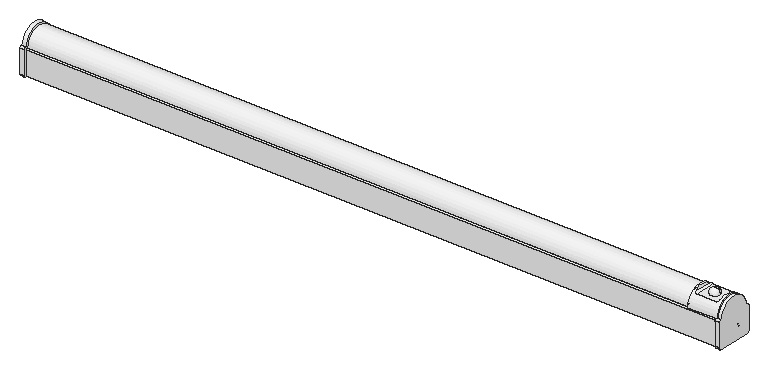
Revit family "0045220 Feilo Sylvania Lighting Fixture SYLBATTEN LED3 6000K TP3 PIR", category Lighting Fixtures, host Face, Revit 2017
Family settings
  Host = Face
  Round Connector Dimension = Use Diameter
  Part Type = Normal
  OmniClass Number = 23.80.70.00
  OmniClass Title = Lighting
  Cut with Voids When Loaded = No
  Light Source = Yes
  Shared = No
  Room Calculation Point = No
Parameters (values of type "0045220 SYLBATTEN LED3 6000K TP3 PIR")
  Width_FEILO = 66 mm
  Weight = "2.7 kg"
  Wattage Comments = "n/a"
  Wattage = 26 W
  WarrantyStartDate [instance] = "n/a"
  WarrantyGuarantorParts = "n/a"
  WarrantyDurationUnit = "n/a"
  WarrantyDurationParts = "n/a"
  WarrantyDescription = "n/a"
  built-in parameter 1150110 = 1 (stored number, unit not read)
  Voltage = 230 V
  URL = "http://www.sylvania-lighting.com"
  TypeName = "SYLBATTEN LED3 6000K TP3 PIR"
  Type Image = <None>
  Type Comments = "n/a"
  built-in parameter 1114217 = 1 (stored number, unit not read)
  Tilt Angle = -90.00°
  built-in parameter 1150109 = 1 (stored number, unit not read)
  built-in parameter 1150134 = 5
  SymReflector_FEILO = no
  built-in parameter 1150113 = 1 (stored number, unit not read)
  SerialNumber [instance] = "n/a"
  RadiusPIR_FEILO = 9 mm
  RadiusDiffuser_FEILO = 27 mm
  PowerFactor = 0
  PowerConsumption = "26 W"
  Photometric Web File = "0045220.ies"
  NominalLength = 1305 mm
  NominalHeight = 76 mm
  NominalDepth = 66 mm
  Name = "SYLBATTEN LED3 6000K TP3 PIR"
  ModelReference = Name  # "SYLBATTEN LED3 6000K TP3 PIR"
  ModelNumber = "0045220"
  Model = Name  # "SYLBATTEN LED3 6000K TP3 PIR"
  Material_4_FEILO = Reflector-Sylvania-Sylbatten-White
  Material_3_FEILO = Diffuser-Sylvania-Sylbatten-Glow
  Material_2_FEILO = Body-Sylvania-Sylbatten-White
  Material_1_FEILO = Body-Sylvania-Sylbatten-White
  Material = "sheet steel housing, polycarbonate diffuser"
  ManufacturerName = "Feilo Sylvania"
  Manufacturer = "Feilo Sylvania"
  LuminousEfficacy = "113.0 lm/W"
  built-in parameter 1150105 = 827.12 (stored number, unit not read)
  Lumens = 2938.78 lm
  LuminaireType = ""
  built-in parameter 1150115 = 1 (stored number, unit not read)
  LightOutputRatio = "100"
  built-in parameter 1150137 = (empty or 0)
  built-in parameter 1150139 = (empty or 0)
  Length_FEILO = 1305 mm
  LampsType = Lamp  # "LED"
  LampNominalLuminous = "2939 lm"
  LampMacAdamStep = "n/a"
  LampColourTemperature = "6000 K"
  LampColourRenderingIndex = "80"
  built-in parameter 1150112 = 1 (stored number, unit not read)
  built-in parameter 1150114 = 1 (stored number, unit not read)
  Lamp = "LED"
  Keynote = "16500"
  InstallationDate [instance] = "n/a"
  InputVoltage = "220-240V~"
  InputNominalFrequency = "n/a"
  built-in parameter 1150132 = (empty or 0)
  built-in parameter 1150102 = (empty or 0)
  built-in parameter 1150107 = 6000 (stored number, unit not read)
  built-in parameter 1150138 = (empty or 0)
  IngressProtection = "IP20"
  ImpactProtectionIndex = "IK07"
  built-in parameter 1150106 = 8.2712 (stored number, unit not read)
  IfcExportType = "IfcLightFixtureType"
  IfcExportAs = "IfcLightFixtureType"
  Height_FEILO = 76 mm
  ExpectedLife = 50000
  Emit from Rectangle Width = Length_FEILO - 16 mm - 55 mm  # 1234 mm
  Emit from Rectangle Length = Width_FEILO - 40 mm  # 26 mm
  Emit Shape Visible in Rendering = no
  ElectricShockClassification = "Class I"
  built-in parameter 1150104 = 10.501 (stored number, unit not read)
  DurationUnit = "hours"
  DocumentationLiterature = "http://www.sylvania-lighting.com/product/en-int/products/0045220"
  DimmingControlOptions = "n/a"
  Dimming Lamp Color Temperature Shift = <None>
  Description = "LED batten, T8 replacement, ease of installation through 2 part push-in design of the housing (safety cable included), through wiring capability (TP3 = 3 core), sheet steel, 2938LM, 26W, 113lm/W, 6000K, drive current: 350mA, CRI 80, 138° wide beam angle, electronic driver (non dimmable), with integrated PIR sensor, IP20, IK07, 50,000 hrs (L70), (LxWxH) 1205x66x76mm, 5 step MacAdam ellipse, 3kg, white RAL 9016, Class 1, 220-240V, energy class: A++, A+, A."
  Default Elevation = 1219.2 mm
  CreatedOn = "2/1/2018"
  CreatedBy = ""
  Cost = 0
  Color Filter = 16777215
  built-in parameter 1114216 [instance] = (empty or 0)
  ClassificationValue = "EF_70_80"
  ClassificationName = "Uniclass2015"
  CapOffset_FEILO = 2 mm
  BarCode [instance] = "n/a"
  built-in parameter 1114218 = 1 (stored number, unit not read)
  BackReflector_FEILO = and(not(AsymReflector_FEILO), SymReflector_FEILO)  # no
  built-in parameter 1150133 = 10 (stored number, unit not read)
  FrontReflector_FEILO = or(AsymReflector_FEILO, SymReflector_FEILO)  # no
  AsymReflector_FEILO = no
  AssetType = "Fixed"
  AssetIdentifier [instance] = "n/a"
  Assembly Code = "D5020200"
  Apparent Load = 26 VA
Reference planes
  plane 1 "Center (Front/Back)": y = 0
  plane 2: z = 0
  plane 3 "Center (Left/Right)": x = 0
  plane 4: x = 652.5
  plane 5: x = -652.5
  plane 6: y = 33
  plane 7: y = -33
  plane 8: z = 76
  plane 9: z = 47
  plane 10: y = -29
  plane 11: y = 29
  plane 12: z = 20
  plane 13: z = 74
  plane 14: y = -31
  plane 15: y = -27
  plane 16: y = 27
  plane 17: y = 31
  plane 18: z = 2
  plane 19: x = -644.5
  plane 20: x = 644.5
  plane 21: z = 49
  plane 22: y = 1
  plane 23: y = -1
  plane 24: z = 21
  plane 25: z = 19
  plane 26: y = -61
  plane 27: y = 61
  plane 28: y = -56
  plane 29: y = 56
  plane 30: z = 91
  plane 31: z = 88
  plane 32: x = 589.5
  plane 33: x = 595.5
  plane 34: x = 638.5
  plane 35: z = 69
  plane 36: x = 617
  plane 37: x = -27.5
Forms (mm)
  Extrusion 1, solid, material "Body-Sylvania-Sylbatten-White" <- "Material_2_FEILO"
    sketch origin (0, 0, 0) x (0, 1, 0) y (0, 0, 1)
      loop
        line (-31, 2) -> (31, 2) -> (31, 45)
        arc (31, 45) -> (30.414, 46.414) -> (29, 47) r 2
        line (29, 47) -> (-29, 47)
        arc (-29, 47) -> (-30.414, 46.414) -> (-31, 45) r 2
        line (-31, 45) -> (-31, 2)
    from -644.5 to 644.5
  Extrusion 2, solid, material "Body-Sylvania-Sylbatten-White" <- "Material_2_FEILO"
    sketch origin (652.5, 1524, 1219.2) x (0, 1, 0) y (0, 0, 1)
      loop
        arc (-1494, -1219.2) -> (-1491.879, -1218.321) -> (-1491, -1216.2) r 3
        line (-1491, -1216.2) -> (-1491, -1173.2)
        arc (-1491, -1173.2) -> (-1491.879, -1171.079) -> (-1494, -1170.2) r 3
        line (-1494, -1170.2) -> (-1495.069, -1170.2)
        arc (-1495.069, -1170.2) -> (-1524, -1143.2) -> (-1552.931, -1170.2) r 29
        line (-1552.931, -1170.2) -> (-1554, -1170.2)
        arc (-1554, -1170.2) -> (-1556.121, -1171.079) -> (-1557, -1173.2) r 3
        line (-1557, -1173.2) -> (-1557, -1216.2)
        arc (-1557, -1216.2) -> (-1556.121, -1218.321) -> (-1554, -1219.2) r 3
        line (-1554, -1219.2) -> (-1494, -1219.2)
      loop
        arc (-1525, -1189.25) -> (-1531.071, -1192.129) -> (-1533.95, -1198.2) r 10
        line (-1533.95, -1198.2) -> (-1532.944, -1198.2)
        arc (-1532.944, -1198.2) -> (-1530.364, -1192.836) -> (-1525, -1190.256) r 9
        line (-1525, -1190.256) -> (-1525, -1189.25)
      loop
        arc (-1523, -1190.256) -> (-1517.636, -1192.836) -> (-1515.056, -1198.2) r 9
        line (-1515.056, -1198.2) -> (-1514.05, -1198.2)
        arc (-1514.05, -1198.2) -> (-1516.929, -1192.129) -> (-1523, -1189.25) r 10
        line (-1523, -1189.25) -> (-1523, -1190.256)
      loop
        line (-1532.944, -1200.2) -> (-1533.95, -1200.2)
        arc (-1533.95, -1200.2) -> (-1531.071, -1206.271) -> (-1525, -1209.15) r 10
        line (-1525, -1209.15) -> (-1525, -1208.144)
        arc (-1525, -1208.144) -> (-1530.364, -1205.564) -> (-1532.944, -1200.2) r 9
      loop
        arc (-1515.056, -1200.2) -> (-1517.636, -1205.564) -> (-1523, -1208.144) r 9
        line (-1523, -1208.144) -> (-1523, -1209.15)
        arc (-1523, -1209.15) -> (-1516.929, -1206.271) -> (-1514.05, -1200.2) r 10
        line (-1514.05, -1200.2) -> (-1515.056, -1200.2)
    from 0 to -8
  Extrusion 3, solid, material "Body-Sylvania-Sylbatten-White" <- "Material_2_FEILO"
    sketch origin (-652.5, 1524, 1219.2) x (0, 1, 0) y (0, 0, 1)
      loop
        arc (-1495.069, -1170.2) -> (-1524, -1143.2) -> (-1552.931, -1170.2) r 29
        line (-1552.931, -1170.2) -> (-1554, -1170.2)
        arc (-1554, -1170.2) -> (-1556.121, -1171.079) -> (-1557, -1173.2) r 3
        line (-1557, -1173.2) -> (-1557, -1216.2)
        arc (-1557, -1216.2) -> (-1556.121, -1218.321) -> (-1554, -1219.2) r 3
        line (-1554, -1219.2) -> (-1494, -1219.2)
        arc (-1494, -1219.2) -> (-1491.879, -1218.321) -> (-1491, -1216.2) r 3
        line (-1491, -1216.2) -> (-1491, -1173.2)
        arc (-1491, -1173.2) -> (-1491.879, -1171.079) -> (-1494, -1170.2) r 3
        line (-1494, -1170.2) -> (-1495.069, -1170.2)
      loop
        line (-1533.95, -1198.2) -> (-1532.944, -1198.2)
        arc (-1532.944, -1198.2) -> (-1530.364, -1192.836) -> (-1525, -1190.256) r 9
        line (-1525, -1190.256) -> (-1525, -1189.25)
        arc (-1525, -1189.25) -> (-1531.071, -1192.129) -> (-1533.95, -1198.2) r 10
      loop
        line (-1523, -1189.25) -> (-1523, -1190.256)
        arc (-1523, -1190.256) -> (-1517.636, -1192.836) -> (-1515.056, -1198.2) r 9
        line (-1515.056, -1198.2) -> (-1514.05, -1198.2)
        arc (-1514.05, -1198.2) -> (-1516.929, -1192.129) -> (-1523, -1189.25) r 10
      loop
        line (-1514.05, -1200.2) -> (-1515.056, -1200.2)
        arc (-1515.056, -1200.2) -> (-1517.636, -1205.564) -> (-1523, -1208.144) r 9
        line (-1523, -1208.144) -> (-1523, -1209.15)
        arc (-1523, -1209.15) -> (-1516.929, -1206.271) -> (-1514.05, -1200.2) r 10
      loop
        line (-1525, -1209.15) -> (-1525, -1208.144)
        arc (-1525, -1208.144) -> (-1530.364, -1205.564) -> (-1532.944, -1200.2) r 9
        line (-1532.944, -1200.2) -> (-1533.95, -1200.2)
        arc (-1533.95, -1200.2) -> (-1531.071, -1206.271) -> (-1525, -1209.15) r 10
    from 0 to 8
  Extrusion 4, solid, material "Reflector-Sylvania-Sylbatten-White" <- "Material_4_FEILO", visible <- "FrontReflector_FEILO"
    sketch origin (0, 0, 0) x (0, 1, 0) y (0, 0, 1)
      loop
        line (-61.257, 88.429) -> (-60.743, 87.571) -> (-56.621, 90.044)
        arc (-56.621, 90.044) -> (-56.237, 90.099) -> (-55.929, 89.863) r 0.5
        line (-55.929, 89.863) -> (-31.435, 46.753) -> (-30.565, 47.247) -> (-55.312, 90.802)
        arc (-55.312, 90.802) -> (-55.928, 91.275) -> (-56.696, 91.165) r 1
        line (-56.696, 91.165) -> (-61.257, 88.429)
    from -644.5 to 644.5
  Extrusion 5, solid, material "Reflector-Sylvania-Sylbatten-White" <- "Material_4_FEILO", visible <- "BackReflector_FEILO"
    sketch origin (0, 0, 0) x (0, 1, 0) y (0, 0, 1)
      loop
        line (30.565, 47.247) -> (31.435, 46.753) -> (55.932, 89.868)
        arc (55.932, 89.868) -> (56.245, 90.112) -> (56.638, 90.062) r 0.518
        line (56.638, 90.062) -> (61.033, 87.565) -> (61.527, 88.435) -> (56.682, 91.188)
        arc (56.682, 91.188) -> (55.922, 91.282) -> (55.318, 90.812) r 1
        line (55.318, 90.812) -> (30.565, 47.247)
    from -644.5 to 644.5
  Extrusion 6, solid, material "Diffuser-Sylvania-Sylbatten-Glow" <- "Material_3_FEILO"
    sketch origin (0, 0, 0) x (0, 1, 0) y (0, 0, 1)
      loop
        arc (27, 47) -> (0, 74) -> (-27, 47) r 27
        line (-27, 47) -> (27, 47)
    from -644.5 to 589.5
  Extrusion 7, solid, material "Body-Sylvania-Sylbatten-White" <- "Material_2_FEILO"
    sketch origin (589.5, 1524, 1219.2) x (0, 1, 0) y (0, 0, 1)
      loop
        arc (-1495, -1172.2) -> (-1524, -1143.2) -> (-1553, -1172.2) r 29
        line (-1553, -1172.2) -> (-1495, -1172.2)
    from 0 to 55
  Extrusion 8, void
    sketch origin (0, 0, 0) x (1, 0, 0) y (0, 0, 1)
      loop
        line (598.432, 69) -> (635.568, 69)
        arc (635.568, 69) -> (637.933, 69.774) -> (639.383, 71.795) r 4
        line (639.383, 71.795) -> (644.5, 88) -> (589.5, 88) -> (594.617, 71.795)
        arc (594.617, 71.795) -> (596.067, 69.774) -> (598.432, 69) r 4
    from -27 to 27
  Revolve 9, solid, material "Body-Sylvania-Sylbatten-White" <- "Material_2_FEILO"
    sketch origin (0, 0, 0) x (1, 0, 0) y (0, 0, 1)
      loop
        arc (626, 69) -> (623.364, 75.364) -> (617, 78) r 9
        line (617, 78) -> (617, 69) -> (626, 69)
      axis (617, 78) -> (617, 69)
    angle from 360 to 0
Cuts and joins
  Extrusion 8 cuts Extrusion 7
Lines and regions (mm)
  reference lines
    curve 1: line (0, -61, 88) -> (0, -56, 91)
    curve 2: line (0, -56, 91) -> (0, -31, 47)
    curve 3: line (0, 31, 47) -> (0, 56, 91)
    curve 4: line (0, 56, 91) -> (0, 61.28, 88)
Dimensions and locks
  equal spacing: plane 5, plane 3 "Center (Left/Right)", plane 4
  equal spacing: plane 7, plane 1 "Center (Front/Back)", plane 6
  "Width_FEILO": plane 7 to plane 6
  "Length_FEILO": plane 5 to plane 4
  "Height_FEILO": plane 8 to plane 2
  locked: plane 9 to plane 8 at 29
  equal spacing: plane 10, plane 1 "Center (Front/Back)", plane 11
  locked: plane 7 to plane 10 at 4
  locked: plane 12 to plane 2 at 20
  "CapOffset_FEILO": plane 13 to plane 8
  "CapOffset_FEILO": plane 7 to plane 14
  "CapOffset_FEILO": plane 10 to plane 15
  "CapOffset_FEILO": plane 17 to plane 6
  "CapOffset_FEILO": plane 16 to plane 11
  "CapOffset_FEILO": plane 18 to plane 2
  locked: plane 14 to Extrusion 1 sketch curve at 2
  locked: Extrusion 1 sketch curve to plane 9 at 2  (x2)
  locked: plane 16 to Extrusion 1 sketch curve at 2
  equal spacing: plane 19, plane 3 "Center (Left/Right)", plane 20
  locked: plane 5 to plane 19 at 8
  "CapOffset_FEILO": plane 9 to plane 21
  locked: Extrusion 2 sketch curve to plane 2 at 47
  locked: Extrusion 2 sketch curve to plane 2 at 3  (x2)
  locked: plane 7 to Extrusion 2 sketch curve at 3  (x2)
  locked: Extrusion 2 sketch curve to plane 6 at 3  (x2)
  locked: Extrusion 2 sketch curve to plane 21 at 3  (x2)
  equal spacing: plane 23, plane 1 "Center (Front/Back)", plane 22
  equal spacing: plane 25, plane 12, plane 24
  plane 30 to plane 31 to plane 2 = 3 mm locked, 88 mm locked
  plane 28 to plane 29 = 112 mm
  plane 26 to plane 27 = 122 mm
  locked: plane 32 to plane 20 at 55
  plane 20 to plane 34 = 6 mm
  plane 33 to plane 32 = 6 mm
  plane 21 to plane 35 = 20 mm
  locked: Extrusion 8 sketch curve to plane 35 at 4  (x2)
  locked: Extrusion 8 sketch curve to plane 33 at 2.932
  locked: plane 34 to Extrusion 8 sketch curve at 2.932
  equal spacing: plane 34, plane 36, plane 33
  locked: plane 37 to plane 3 "Center (Left/Right)" at 27.5
  "RadiusDiffuser_FEILO": radius of Extrusion 6 sketch curve
  "RadiusPIR_FEILO": radius of Revolve 9 sketch curve
  aligned and locked: plane 2 to host face
  aligned and locked: level to host face
  aligned and locked: plane 18 to Extrusion 1 sketch curve
  aligned and locked: plane 14 to Extrusion 1 sketch curve
  aligned and locked: Extrusion 1 sketch curve to plane 9
  aligned and locked: Extrusion 1 sketch curve to plane 17
  aligned and locked: plane 20 to Extrusion 1
  aligned and locked: level to Extrusion 2 sketch curve
  aligned and locked: Extrusion 2 sketch curve to plane 7
  aligned and locked: plane 21 to Extrusion 2 sketch curve
  aligned and locked: Extrusion 2 sketch curve to plane 21
  aligned and locked: plane 1 "Center (Front/Back)" to Extrusion 2 sketch curve  (x3)
  aligned and locked: Extrusion 2 to Extrusion 1
  aligned and locked: plane 4 to Extrusion 2
  aligned and locked: plane 12 to Extrusion 2 sketch curve  (x2)
  aligned and locked: Extrusion 2 sketch curve to plane 22
  aligned and locked: Extrusion 2 sketch curve to plane 23
  aligned and locked: Extrusion 2 sketch curve to plane 24
  aligned and locked: Extrusion 2 sketch curve to plane 25
  aligned and locked: plane 25 to Extrusion 2 sketch curve
  aligned and locked: plane 22 to Extrusion 2 sketch curve
  aligned and locked: plane 24 to Extrusion 2 sketch curve
  aligned and locked: plane 23 to Extrusion 2 sketch curve  (x2)
  aligned and locked: Extrusion 3 sketch curve to Extrusion 2  (x22)
  aligned and locked: Extrusion 3 to Extrusion 1
  aligned and locked: Extrusion 3 to plane 5
  aligned and locked: plane 19 to Extrusion 3
  aligned and locked: plane 31 to curve 1
  aligned and locked: plane 30 to curve 1
  aligned and locked: plane 14 to curve 2
  aligned and locked: plane 9 to curve 2
  aligned and locked: plane 17 to curve 3
  aligned and locked: plane 30 to curve 3
  aligned and locked: plane 31 to curve 4
  aligned and locked: Extrusion 4 sketch curve to curve 2
  aligned and locked: Extrusion 4 sketch curve to curve 1
  aligned and locked: Extrusion 4 to Extrusion 1
  aligned and locked: Extrusion 1 to Extrusion 4
  aligned and locked: imposter light to plane 1 "Center (Front/Back)"
  aligned and locked: imposter light to plane 13
  aligned and locked: Extrusion 5 sketch curve to curve 4
  aligned and locked: Extrusion 5 sketch curve to curve 3
  aligned and locked: Extrusion 1 to Extrusion 5
  aligned and locked: Extrusion 5 to Extrusion 1
  aligned and locked: plane 9 to Extrusion 6 sketch curve  (x3)
  aligned and locked: plane 15 to Extrusion 6 sketch curve
  aligned and locked: plane 32 to Extrusion 6
  aligned and locked: Extrusion 1 to Extrusion 6
  aligned and locked: Extrusion 1 to Extrusion 7
  aligned and locked: Extrusion 7 to plane 32
  aligned and locked: Extrusion 7 sketch curve to Extrusion 2
  aligned and locked: Extrusion 7 sketch curve to Extrusion 1
  aligned and locked: Extrusion 1 to Extrusion 7 sketch curve
  aligned and locked: plane 35 to Extrusion 8 sketch curve
  aligned and locked: plane 15 to Extrusion 8
  aligned and locked: Extrusion 8 to plane 16
  aligned and locked: plane 31 to Extrusion 8 sketch curve  (x2)
  aligned and locked: plane 32 to Extrusion 8 sketch curve
  aligned and locked: plane 20 to Extrusion 8 sketch curve
  aligned and locked: Revolve 9 sketch curve to plane 36  (x2)
  aligned and locked: cut or joined group of Extrusion 7, Extrusion 8 to Revolve 9 sketch curve
  aligned and locked: imposter light to plane 37
Automatic sketch dimensions
  host sketch curve to host sketch curve = 2438.4 mm  (x2)
  Extrusion 2 sketch curve to Extrusion 2 sketch curve = 0 mm  (x14)
  Extrusion 2 sketch curve to plane 10 = 0.069 mm
  plane 23 to Extrusion 2 sketch curve = 8.95 mm
  Extrusion 2 sketch curve to Extrusion 2 sketch curve = 1.006 mm  (x4)
  Extrusion 2 sketch curve to plane 22 = 7.944 mm
  curve 1 to plane 26 = 0 mm
  curve 2 to plane 28 = 0 mm
  curve 4 to plane 29 = 0 mm
  plane 9 to curve 3 = 0 mm
  plane 26 to Extrusion 4 sketch curve = 0.257 mm
  Extrusion 4 sketch curve to plane 26 = 0.257 mm
  Extrusion 4 sketch curve to plane 30 = 0.165 mm
  plane 28 to Extrusion 4 sketch curve = 0.696 mm
  plane 28 to Extrusion 4 sketch curve = 0.621 mm
  plane 28 to Extrusion 4 sketch curve = 0.364 mm
  plane 28 to Extrusion 4 sketch curve = 0.182 mm
  Extrusion 4 sketch curve to plane 28 = 0.071 mm
  plane 30 to Extrusion 4 sketch curve = 0.198 mm
  Extrusion 4 sketch curve to plane 28 = 0.688 mm
  plane 9 to Extrusion 4 sketch curve = 0.247 mm
  plane 1 "Center (Front/Back)" to Extrusion 4 sketch curve = 31.435 mm
  Extrusion 5 sketch curve to plane 9 = 0.247 mm
  Extrusion 5 sketch curve to plane 1 "Center (Front/Back)" = 30.565 mm
  plane 9 to Extrusion 5 sketch curve = 0.247 mm
  plane 30 to Extrusion 5 sketch curve = 0.188 mm
  plane 29 to Extrusion 5 sketch curve = 0.068 mm
  Extrusion 5 sketch curve to plane 29 = 0.188 mm
  Extrusion 5 sketch curve to plane 29 = 0.382 mm
  Extrusion 5 sketch curve to Extrusion 5 sketch curve = 0.256 mm
  Extrusion 5 sketch curve to plane 30 = 0.188 mm
  Extrusion 5 sketch curve to plane 29 = 0.682 mm
  Extrusion 5 sketch curve to plane 27 = 0.033 mm
  Extrusion 5 sketch curve to plane 27 = 0.527 mm
  Extrusion 8 sketch curve to plane 33 = 0.883 mm
  plane 34 to Extrusion 8 sketch curve = 0.883 mm
  Revolve 9 sketch curve to plane 35 = 0 mm
  Revolve 9 sketch curve to plane 30 = 2347.4 mm
Connectors
  electrical at (0, 0, 0), driven by "Apparent Load", driven by "PowerFactor", driven by "Voltage"
    settings: index 1, voltage 230 V, apparent load 26 VA, apparent load phase1 0 VA, apparent load phase2 0 VA, apparent load phase3 0 VA, power factor 0, load classification "Lighting", number of poles 1, system type 30, power factor state 1, is connector primary yes, connector utility no, sub classification motor no, connector description ""
